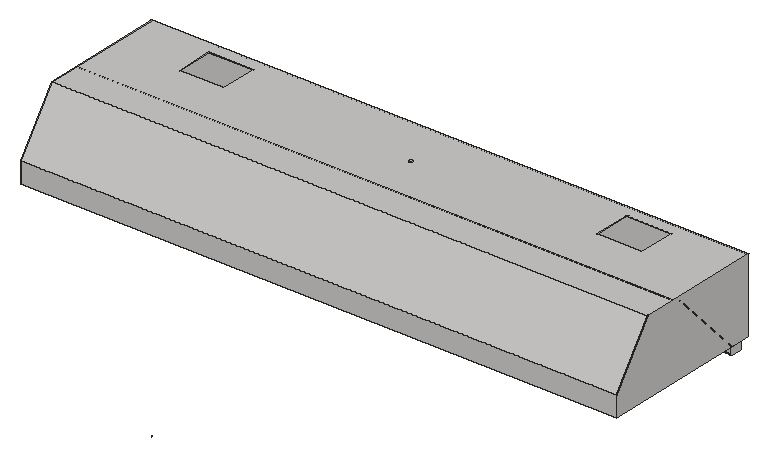
Revit family "QF_ELECTROLUXPROFESSIONAL_644227_ABPV1140BT", category Attrezzature speciali, Revit 2021
Family settings
  Quota connettore circolare = Usa diametro
  Tipo di parte = Normale
  Basato su piano di lavoro = No
  Sempre verticale = Sì
  Taglio con vuoti quando caricato = No
  Condiviso = No
  Punto di calcolo locali = No
Parameters (values of type "Standard")
  Weight = 125.00 kg
  Watts = 840 W
  Volts = 220 V
  URL Manufacturer = "https://www.electroluxprofessional.com/"
  URL = "https://www.electroluxprofessional.com/"
  Steam Supply Size = 0 mm
  Steam Supply Minimum Pressure = 0.0 Pa
  Steam Supply Maximum Pressure = 0.0 Pa
  Steam Consumption per Hour = 0
  Refrigeration Suction Line Size = 0 mm
  Refrigeration Liquid Line Size = 0 mm
  Refrigerant Compressor Remote = yes
  Prospetto di default = 0 mm
  Produttore = "Electrolux Professional"
  Phase = 1
  Modello = "ABPV1140BT"
  Length Actual = 4000 mm  # constant formula
  Item Number = "644227"
  Hot Water Size = 0 mm
  Height Actual = 500 mm  # constant formula
  HP = "1.1 HP"
  Gas Size = 0 mm
  Gas KW = 0
  Gas Input Pressure = 0 W
  Direct Waste Size = 0 mm
  Descrizione = "430 S/S WALL HOOD+FILTER+FAN 4000X1100MM"
  Depth Actual = 1100 mm  # constant formula
  Cycle = 50 Hz
  Condensate Return Size = 0 mm
  Compressed Air Volume = 0.0 L/s
  Compressed Air Size = 0 mm
  Compressed Air Pressure = 0.0 Pa
  Cold Water Size = 0 mm
  Accessory = yes
Reference planes
  plane 1 "Center (Front/Back)": y = 0
  plane 2: z = 0
  plane 3 "Center (Left/Right)": x = 150
  plane 4 "LEFT": x = -1850
  plane 5 "RIGHT": x = 2150
  plane 6 "BACK": y = 550
  plane 7 "FRONT": y = -550
  plane 8 "TOP": z = 2500
  plane 9 "Base": z = 2000
  plane 10: z = 1926
  plane 11 "DrainY": y = 485
  plane 12: x = -1847
  plane 13: through (0, 414.509, 2000.8) normal (0, 0.7314, 0.682)
  plane 14: y = 470
  plane 15: y = 220
  plane 16 "DrainX": x = 2030
  plane 17: x = -1100
  plane 18: x = 1400
  plane 19: x = -1400
  plane 20: x = 1700
  plane 21: x = 2147
  plane 22: x = 1940
  plane 23: x = 2120
  plane 24: x = -1810
  plane 25: x = -1445
  plane 26: x = -1050
  plane 27: x = 2110
  plane 28: x = 1745
  plane 29: x = 1350
  plane 30: x = -47.5
  plane 31: x = 347.5
  plane 32: z = 2140
  plane 33: y = -289.2
Forms (mm)
  Extrusion 1, solid, material "QF_Finishes_Stainless Steel"
    sketch origin (-1850, 0, 360) x (0, 1, 0) y (0, 0, 1)
      loop
        line (550, 1640) -> (550, 2140) -> (-289.2, 2140) -> (-550, 1780) -> (-550, 1640) -> (550, 1640)
    from 0 to 3
  Extrusion 2, solid, material "QF_Finishes_Stainless Steel"
    sketch origin (150, 0, 360) x (0, 1, 0) y (0, 0, 1)
      loop
        line (415.255, 1640) -> (550, 1640) -> (550, 2139.19) -> (549.2, 2139.19) -> (549.2, 1640.8) -> (415.876, 1640.8) -> (339.347, 1722.867) -> (349.609, 1732.436) -> (348.927, 1733.167) -> (337.934, 1722.917) -> (415.255, 1640)
      loop
        line (-82.203, 2139.19) -> (-82.203, 2118.6) -> (-31.047, 2118.6) -> (34.354, 2048.466) -> (46.028, 2059.352) -> (45.346, 2060.083) -> (34.403, 2049.879) -> (-30.612, 2119.6) -> (-81.203, 2119.6) -> (-81.203, 2139.19) -> (-82.203, 2139.19)
    from -1997 to 1997
  Extrusion 3, solid, material "QF_Finishes_Stainless Steel"
    sketch origin (2150, 0, 360) x (0, 1, 0) y (0, 0, 1)
      loop
        line (550, 1640) -> (550, 2140) -> (-289.2, 2140) -> (-550, 1780) -> (-550, 1640) -> (550, 1640)
    from 0 to -3
  Extrusion 4, solid, material "QF_Finishes_Stainless Steel"
    sketch origin (150, 0, 360) x (0, 1, 0) y (0, 0, 1)
      loop
        line (550, 2139.19) -> (550, 2140) -> (-289.2, 2140) -> (-550, 1780) -> (-550, 1640) -> (-549.2, 1640) -> (-549.2, 1779.741) -> (-288.799, 2139.19) -> (550, 2139.19)
    from -2000 to 2000
  Extrusion 5, solid, material "QF_Finishes_Stainless Steel"
    sketch origin (150, 0, 360) x (0, 1, 0) y (0, 0, 1)
      loop
        line (534, 1640) -> (436, 1640) -> (436, 1627) -> (443.5, 1627) -> (443.5, 1576)
        arc (443.5, 1576) -> (446.429, 1568.929) -> (453.5, 1566) r 10
        line (453.5, 1566) -> (516.5, 1566)
        arc (516.5, 1566) -> (523.571, 1568.929) -> (526.5, 1576) r 10
        line (526.5, 1576) -> (526.5, 1627) -> (534, 1627) -> (534, 1640)
    from 1790 to 1970
  Extrusion 6, solid, material "QF_Finishes_Stainless Steel"
    sketch origin (0, 0, 2000) x (0, 1, 0) y (-1, 0, 0)
      loop
        circle (485, -2030) r 20
    from -76 to -74
  Extrusion 7, solid, material "QF_Finished_Chrome"
    sketch origin (150, 0, 360) x (0, 1, 0) y (0, 0, 1)
      loop
        line (337.934, 1722.917) -> (341.591, 1726.327) -> (38.011, 2051.876) -> (34.354, 2048.466) -> (337.934, 1722.917)
    from -1595 to -1960
  Extrusion 8, solid, material "QF_Finished_Chrome"
    sketch origin (150, 0, 360) x (0, 1, 0) y (0, 0, 1)
      loop
        line (337.934, 1722.917) -> (341.591, 1726.327) -> (38.011, 2051.876) -> (34.354, 2048.466) -> (337.934, 1722.917)
    from -197.5 to -1200
  Extrusion 9, solid, material "QF_Finishes_Stainless Steel"
    sketch origin (150, 0, 360) x (0, 1, 0) y (0, 0, 1)
      loop
        line (337.934, 1722.917) -> (341.591, 1726.327) -> (38.011, 2051.876) -> (34.354, 2048.466) -> (337.934, 1722.917)
    from 1997 to 1960
  Extrusion 10, solid, material "QF_Finishes_Stainless Steel"
    sketch origin (150, 0, 360) x (0, 1, 0) y (0, 0, 1)
      loop
        line (341.588, 1726.324) -> (38.009, 2051.874) -> (34.354, 2048.466) -> (337.934, 1722.917) -> (341.588, 1726.324)
    from -1595 to -1200
  Extrusion 11, solid, material "QF_Finished_Chrome"
    sketch origin (150, 0, 360) x (0, 1, 0) y (0, 0, 1)
      loop
        line (341.588, 1726.324) -> (38.009, 2051.874) -> (34.354, 2048.466) -> (337.934, 1722.917) -> (341.588, 1726.324)
    from 1595 to 1960
  Extrusion 12, void
    sketch origin (0, 0, 2500) x (0, 1, 0) y (-1, 0, 0)
      loop
        line (470, 1400) -> (220, 1400) -> (220, 1100) -> (470, 1100) -> (470, 1400)
    from 0 to -10
  Extrusion 13, void
    sketch origin (940, 0, 2500) x (0, 1, 0) y (-1, 0, 0)
      loop
        line (470, -460) -> (220, -460) -> (220, -760) -> (470, -760) -> (470, -460)
    from 0 to -10
  Extrusion 14, solid, material "QF_Finishes_Stainless Steel"
    sketch origin (0, 0, 0) x (1, 0, 0) y (0, 1, 0)
      loop
        line (-1850, 550) -> (-1850, 549) -> (-1849, 549) -> (-1849, 550) -> (-1850, 550)
    from 0 to 1
  Extrusion 15, solid, material "QF_Finishes_Stainless Steel"
    sketch origin (150, 0, 360) x (0, 1, 0) y (0, 0, 1)
      loop
        line (337.934, 1722.917) -> (341.591, 1726.327) -> (38.011, 2051.876) -> (34.354, 2048.466) -> (337.934, 1722.917)
    from -1960 to -1997
  Extrusion 16, solid, material "QF_Finishes_Stainless Steel"
    sketch origin (150, 0, 360) x (0, 1, 0) y (0, 0, -1)
      loop
        line (341.588, -1726.324) -> (337.934, -1722.917) -> (34.354, -2048.466) -> (38.009, -2051.874) -> (341.588, -1726.324)
    from -1595 to -1200
  Extrusion 17, solid, material "QF_Finished_Chrome"
    sketch origin (150, 0, 360) x (0, 1, 0) y (0, 0, 1)
      loop
        line (337.934, 1722.917) -> (341.591, 1726.327) -> (38.011, 2051.876) -> (34.354, 2048.466) -> (337.934, 1722.917)
    from 1200 to 197.5
  Extrusion 18, solid, material "QF_Finishes_Stainless Steel"
    sketch origin (150, 0, 360) x (0, 1, 0) y (0, 0, -1)
      loop
        line (341.588, -1726.324) -> (337.934, -1722.917) -> (34.354, -2048.466) -> (38.009, -2051.874) -> (341.588, -1726.324)
    from -197.5 to 197.5
  Extrusion 19, solid, material "QF_Finishes_Stainless Steel"
    sketch origin (0, 0, 2500) x (0, 1, 0) y (-1, 0, 0)
      loop
        circle (220, -150) r 10
    from 0 to 1.6
Cuts and joins
  Extrusion 12, Extrusion 13 cuts Extrusion 4
  joined: Extrusion 2, Extrusion 4
Lines and regions (mm)
  reference lines
    curve 1: line (150, 34.354, 2408.466) -> (150, 34.354, 2248.466)
  symbolic lines, style "SpecialityEquipment", detail levels coarse
    curve 2: line (2150, 550, 2500) -> (-1850, 550, 2500)
    curve 3: line (-1850, 550, 2500) -> (-1850, -550, 2500)
    curve 4: line (2150, -550, 2500) -> (2150, 550, 2500)
    curve 5: line (-1850, -550, 2500) -> (2150, -550, 2500)
    curve 6: line (-1400, 220, 2500) -> (-1100, 220, 2500)
    curve 7: line (-1400, 470, 2500) -> (-1400, 220, 2500)
    curve 8: line (-1100, 470, 2500) -> (-1400, 470, 2500)
    curve 9: line (-1100, 220, 2500) -> (-1100, 470, 2500)
    curve 10: line (1400, 470, 2500) -> (1400, 220, 2500)
    curve 11: line (1400, 220, 2500) -> (1700, 220, 2500)
    curve 12: line (1700, 470, 2500) -> (1400, 470, 2500)
    curve 13: line (1700, 220, 2500) -> (1700, 470, 2500)
    curve 14: line (-1850, -289.2, 0) -> (2150, -289.2, 0)
    curve 15: line (-1850, 550, 0) -> (2150, -289.2, 0)
    curve 16: line (2150, 550, 0) -> (-1850, -289.2, 0)
Dimensions and locks
  plane 4 "LEFT" to plane 5 "RIGHT" = 4000 mm
  equal spacing: plane 4 "LEFT", plane 3 "Center (Left/Right)", plane 5 "RIGHT"
  locked: plane 8 "TOP" to plane 9 "Base" at 500
  plane 9 "Base" to plane 10 = 74 mm
  plane 6 "BACK" to plane 11 "DrainY" = 65 mm  (x2)
  plane 4 "LEFT" to plane 12 = 3 mm
  plane 6 "BACK" to plane 14 = 80 mm
  plane 14 to plane 15 = 250 mm  (x2)
  plane 16 "DrainX" to plane 5 "RIGHT" = 120 mm
  locked: plane 17 to plane 18 at 2500
  equal spacing: plane 17, plane 3 "Center (Left/Right)", plane 18
  plane 19 to plane 17 = 300 mm
  plane 18 to plane 20 = 300 mm
  plane 21 to plane 5 "RIGHT" = 3 mm
  locked: plane 22 to plane 16 "DrainX" at 90
  locked: plane 16 "DrainX" to plane 23 at 90
  plane 6 "BACK" to plane 7 "FRONT" = 1100 mm  (x2)
  equal spacing: plane 6 "BACK", plane 1 "Center (Front/Back)", plane 7 "FRONT"
  plane 15 to plane 7 "FRONT" = 770 mm
  plane 14 to plane 6 "BACK" = 80 mm
  locked: plane 4 "LEFT" to plane 24 at 40
  locked: plane 24 to plane 25 at 365
  locked: plane 25 to plane 26 at 395
  locked: plane 27 to plane 28 at 365
  locked: plane 28 to plane 29 at 395
  locked: plane 27 to plane 5 "RIGHT" at 40
  locked: plane 30 to plane 31 at 395
  equal spacing: plane 30, plane 3 "Center (Left/Right)", plane 31
  plane 26 to plane 30 = 1002.5 mm
  plane 31 to plane 29 = 1002.5 mm
  plane 33 to plane 7 "FRONT" = 260.8 mm
  plane 32 to plane 9 "Base" = 140 mm
  locked: plane 9 "Base" to level at 2000
  aligned and locked: level to plane 2
  aligned and locked: Extrusion 2 to Extrusion 1
  aligned and locked: Extrusion 2 to Extrusion 3
  aligned and locked: plane 5 "RIGHT" to Extrusion 4
  aligned and locked: Extrusion 4 to plane 4 "LEFT"
  aligned and locked: plane 21 to Extrusion 9
  aligned and locked: plane 19 to Extrusion 12
  aligned and locked: Extrusion 12 to plane 17
  aligned and locked: Extrusion 12 to plane 15
  aligned and locked: Extrusion 12 to plane 14
  aligned and locked: Extrusion 13 to plane 20
  aligned and locked: plane 18 to Extrusion 13
  aligned and locked: plane 23 to Extrusion 5
  aligned and locked: Extrusion 5 to plane 22
  aligned and locked: Extrusion 9 to plane 27
  aligned and locked: Extrusion 11 to plane 27
  aligned and locked: Extrusion 11 to plane 28
  aligned and locked: Extrusion 8 to plane 26
  aligned and locked: plane 26 to Extrusion 10
  aligned and locked: Extrusion 10 to plane 25
  aligned and locked: plane 25 to Extrusion 7
  aligned and locked: Extrusion 7 to plane 24
  aligned and locked: Extrusion 15 to plane 12
  aligned and locked: plane 24 to Extrusion 15
  aligned and locked: Extrusion 16 to plane 29
  aligned and locked: Extrusion 16 to plane 28
  aligned and locked: Extrusion 3 to plane 21
  aligned and locked: plane 30 to Extrusion 8
  aligned and locked: Extrusion 17 to plane 29
  aligned and locked: Extrusion 17 to plane 31
  aligned and locked: plane 31 to Extrusion 18
  aligned and locked: Extrusion 18 to plane 30
Automatic sketch dimensions
  curve 5 to plane 4 "LEFT" = 0 mm
  curve 5 to plane 7 "FRONT" = 0 mm
  curve 9 to plane 15 = 0 mm
  curve 10 to plane 15 = 0 mm
  plane 14 to curve 8 = 0 mm
  plane 14 to curve 12 = 0 mm
  curve 3 to plane 6 "BACK" = 0 mm
  curve 5 to plane 5 "RIGHT" = 0 mm
  curve 11 to plane 20 = 0 mm
  curve 10 to plane 18 = 0 mm
  curve 6 to plane 17 = 0 mm
  curve 6 to plane 19 = 0 mm
  Extrusion 2 sketch curve to plane 13 = 0 mm  (x3)
  Extrusion 2 sketch curve to plane 9 "Base" = 0 mm
  plane 13 to Extrusion 2 sketch curve = 0 mm
  Extrusion 2 sketch curve to plane 6 "BACK" = 0 mm
  Extrusion 2 sketch curve to Extrusion 2 sketch curve = 65.646 mm
  Extrusion 2 sketch curve to Extrusion 2 sketch curve = 0.682 mm  (x2)
  Extrusion 2 sketch curve to Extrusion 2 sketch curve = 10.261 mm
  plane 9 "Base" to Extrusion 2 sketch curve = 82.917 mm
  Extrusion 2 sketch curve to plane 1 "Center (Front/Back)" = 46.028 mm
  Extrusion 2 sketch curve to Extrusion 2 sketch curve = 10.942 mm
  Extrusion 2 sketch curve to Extrusion 2 sketch curve = 0.049 mm
  Extrusion 2 sketch curve to plane 8 "TOP" = 20.4 mm
  Extrusion 2 sketch curve to plane 8 "TOP" = 21.4 mm
  Extrusion 2 sketch curve to plane 8 "TOP" = 0.81 mm  (x2)
  Extrusion 2 sketch curve to Extrusion 2 sketch curve = 50.156 mm
  Extrusion 2 sketch curve to Extrusion 2 sketch curve = 1 mm
  plane 9 "Base" to Extrusion 2 sketch curve = 0.8 mm
  Extrusion 2 sketch curve to plane 6 "BACK" = 0.8 mm
  Extrusion 3 sketch curve to plane 6 "BACK" = 0 mm
  curve 1 to plane 13 = 0 mm
  curve 1 to plane 1 "Center (Front/Back)" = 34.354 mm
  Extrusion 5 sketch curve to plane 9 "Base" = 0 mm
  Extrusion 5 sketch curve to plane 10 = 0 mm
  Extrusion 5 sketch curve to plane 9 "Base" = 13 mm  (x2)
  plane 14 to Extrusion 5 sketch curve = 34 mm
  Extrusion 5 sketch curve to Extrusion 5 sketch curve = 7.5 mm  (x2)
  Extrusion 5 sketch curve to Extrusion 5 sketch curve = 10 mm
  plane 11 "DrainY" to Extrusion 5 sketch curve = 31.5 mm
  Extrusion 5 sketch curve to plane 6 "BACK" = 23.5 mm
  Extrusion 6 sketch curve to plane 11 "DrainY" = 0 mm
  Extrusion 6 sketch curve to plane 16 "DrainX" = 0 mm
  Extrusion 7 sketch curve to plane 13 = 0 mm  (x2)
  Extrusion 7 sketch curve to plane 1 "Center (Front/Back)" = 34.354 mm
  Extrusion 7 sketch curve to Extrusion 7 sketch curve = 3.657 mm
  plane 9 "Base" to Extrusion 7 sketch curve = 82.917 mm
  Extrusion 8 sketch curve to plane 13 = 0 mm  (x2)
  Extrusion 8 sketch curve to plane 1 "Center (Front/Back)" = 34.354 mm
  Extrusion 8 sketch curve to Extrusion 8 sketch curve = 3.657 mm
  plane 9 "Base" to Extrusion 8 sketch curve = 82.917 mm
  Extrusion 9 sketch curve to plane 13 = 0 mm  (x2)
  Extrusion 9 sketch curve to plane 1 "Center (Front/Back)" = 34.354 mm
  Extrusion 9 sketch curve to Extrusion 9 sketch curve = 3.657 mm
  plane 9 "Base" to Extrusion 9 sketch curve = 82.917 mm
  Extrusion 10 sketch curve to plane 13 = 0 mm  (x2)
  Extrusion 10 sketch curve to plane 1 "Center (Front/Back)" = 34.354 mm
  Extrusion 10 sketch curve to Extrusion 10 sketch curve = 3.655 mm
  plane 9 "Base" to Extrusion 10 sketch curve = 82.917 mm
  Extrusion 11 sketch curve to plane 13 = 0 mm  (x2)
  Extrusion 11 sketch curve to plane 1 "Center (Front/Back)" = 34.354 mm
  Extrusion 11 sketch curve to Extrusion 11 sketch curve = 3.655 mm
  plane 9 "Base" to Extrusion 11 sketch curve = 82.917 mm
  Extrusion 12 sketch curve to plane 15 = 0 mm
  plane 14 to Extrusion 12 sketch curve = 0 mm
  Extrusion 12 sketch curve to plane 17 = 0 mm
  Extrusion 12 sketch curve to plane 19 = 0 mm
  Extrusion 13 sketch curve to plane 15 = 0 mm
  plane 14 to Extrusion 13 sketch curve = 0 mm
  Extrusion 13 sketch curve to plane 20 = 0 mm
  Extrusion 13 sketch curve to plane 18 = 0 mm
  Extrusion 14 sketch curve to plane 4 "LEFT" = 0 mm
  Extrusion 14 sketch curve to plane 6 "BACK" = 0 mm
  plane 4 "LEFT" to Extrusion 14 sketch curve = 1 mm
  Extrusion 14 sketch curve to Extrusion 14 sketch curve = 1 mm
  Extrusion 15 sketch curve to plane 13 = 0 mm  (x2)
  Extrusion 15 sketch curve to plane 1 "Center (Front/Back)" = 34.354 mm
  Extrusion 15 sketch curve to Extrusion 15 sketch curve = 3.657 mm
  plane 9 "Base" to Extrusion 15 sketch curve = 82.917 mm
  Extrusion 16 sketch curve to plane 13 = 0 mm  (x2)
  Extrusion 16 sketch curve to plane 1 "Center (Front/Back)" = 34.354 mm
  Extrusion 16 sketch curve to Extrusion 16 sketch curve = 3.655 mm
  plane 9 "Base" to Extrusion 16 sketch curve = 82.917 mm
  Extrusion 17 sketch curve to plane 13 = 0 mm  (x2)
  Extrusion 17 sketch curve to plane 1 "Center (Front/Back)" = 34.354 mm
  Extrusion 17 sketch curve to Extrusion 17 sketch curve = 3.657 mm
  plane 9 "Base" to Extrusion 17 sketch curve = 82.917 mm
  Extrusion 18 sketch curve to plane 13 = 0 mm  (x2)
  Extrusion 18 sketch curve to plane 1 "Center (Front/Back)" = 34.354 mm
  Extrusion 18 sketch curve to Extrusion 18 sketch curve = 3.655 mm
  plane 9 "Base" to Extrusion 18 sketch curve = 82.917 mm
  curve 1 to curve 1 = 160 mm
  Extrusion 4 sketch curve to plane 7 "FRONT" = 0 mm
  Extrusion 4 sketch curve to plane 8 "TOP" = 0 mm
  Extrusion 4 sketch curve to plane 33 = 0 mm
  Extrusion 4 sketch curve to plane 6 "BACK" = 0 mm
  Extrusion 4 sketch curve to plane 9 "Base" = 0 mm
  Extrusion 4 sketch curve to plane 32 = 0 mm
  Extrusion 4 sketch curve to plane 32 = 0.259 mm
  plane 7 "FRONT" to Extrusion 4 sketch curve = 0.8 mm
  Extrusion 4 sketch curve to Extrusion 4 sketch curve = 0.81 mm
  Extrusion 4 sketch curve to plane 33 = 0.401 mm
  Extrusion 1 sketch curve to plane 7 "FRONT" = 0 mm
  Extrusion 1 sketch curve to plane 8 "TOP" = 0 mm
  Extrusion 1 sketch curve to plane 33 = 0 mm
  Extrusion 1 sketch curve to plane 6 "BACK" = 0 mm
  Extrusion 1 sketch curve to plane 9 "Base" = 0 mm
  Extrusion 1 sketch curve to plane 32 = 0 mm
  Extrusion 3 sketch curve to plane 7 "FRONT" = 0 mm
  Extrusion 3 sketch curve to plane 33 = 0 mm
  Extrusion 3 sketch curve to plane 32 = 0 mm
  Extrusion 3 sketch curve to plane 9 "Base" = 0 mm
  Extrusion 3 sketch curve to plane 8 "TOP" = 0 mm
  curve 15 to plane 4 "LEFT" = 0 mm
  curve 14 to plane 4 "LEFT" = 0 mm
  curve 16 to plane 5 "RIGHT" = 0 mm
  curve 15 to plane 5 "RIGHT" = 0 mm
  plane 33 to curve 14 = 0 mm
  curve 16 to plane 6 "BACK" = 0 mm
  curve 15 to plane 6 "BACK" = 0 mm
  Extrusion 19 sketch curve to plane 3 "Center (Left/Right)" = 0 mm
  Extrusion 19 sketch curve to plane 15 = 0 mm
  radius of Extrusion 6 sketch curve = 20 mm
  radius of Extrusion 19 sketch curve = 10 mm
Connectors
  piping at (2030, 485, 1924), diameter 20
    settings: on Extrusion 6, index 1, connector inside diameter 609.6 mm, connector length 0 mm, flow factor 0, pipe flow 0.0 L/s, pressure drop 0.0 Pa, fitting loss kfactor 0, connector angle 0.00°, fixture units 0, engagement length 0 mm, angle of deflection 0.00°, flow configuration 1, flow direction 2, fitting loss method 0, system type 16, joint type 0, gender type 0, connector reference index -1, connector utility 0, adjustable connector no, is connector primary yes, connector description "Drain"
  hvac at (-1250, 345, 2500)
    settings: on Extrusion 12, index 2, duct flow 0.0 L/s, flow factor 0, pres drop 0.0 Pa, loss coef 0, conn angle 0.00°, conn width 250 mm, conn height 300 mm, conn diameter 609.6 mm, duct sys type 3, conn prof type 1, flow config 1, flow direction 0, loss method 0, conn ref index -1, conn util no, is conn primary yes, conn desc "EXHAUST OUTLET"
  hvac at (1550, 345, 2500)
    settings: on Extrusion 13, index 3, duct flow 0.0 L/s, flow factor 0, pres drop 0.0 Pa, loss coef 0, conn angle 0.00°, conn width 250 mm, conn height 300 mm, conn diameter 609.6 mm, duct sys type 3, conn prof type 1, flow config 1, flow direction 2, loss method 0, conn ref index -1, conn util no, is conn primary no, conn desc "EXHAUST OUTLET"
  electrical at (150, 220, 2501.6), driven by "Volts"
    settings: on Extrusion 19, index 4, voltage 220 V, apparent load 0 VA, apparent load phase1 0 VA, apparent load phase2 0 VA, apparent load phase3 0 VA, power factor 1, load classification "Other", number of poles 1, system type 30, power factor state 1, is connector primary yes, connector utility no, sub classification motor no, connector description "Electrical Connection"
